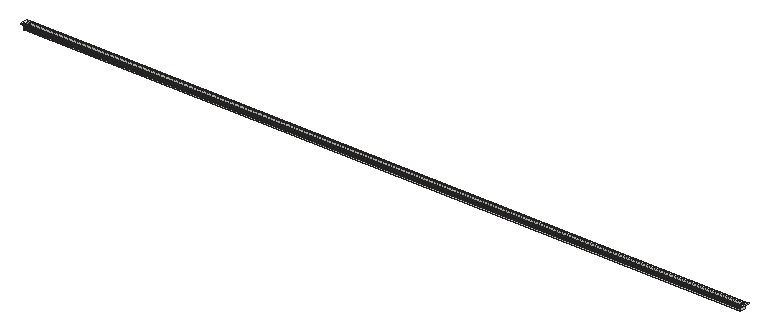
Revit family "SN1008 updated", category Lighting Fixtures, host Face, Revit 2020
Family settings
  Host = Face
  Round Connector Dimension = Use Diameter
  Part Type = Normal
  Cut with Voids When Loaded = No
  Light Source = No
  Shared = Yes
  Room Calculation Point = No
Parameters (values of type "84 lm per FT 1.00 W per FT - DFN1")
  Wattage Comments = "1.0W/FT"
  Warranty URL = "https://bllighting.com/terms-and-conditions/"
  W1 = 0.5000"
  W = 0.3100"
  Voltage = 24 V
  Version = "2020-v2.9"  # constant formula
  URL = "https://bllighting.com/"
  Support Phone = ""
  Support Email = ""
  Rdwn [instance] = rounddown(L1 / Increment)  # 24
  Profile Material = Alumnium Base Track
  Product Page URL = "https://bllighting.com/products/profile/sn1008"
  Product Name = Model  # "DFN1"
  Product Documentation Link = "https://bllighting.com/wp-content/uploads/SN1008-Specification.pdf"
  Power Source Type = "Driver"  # constant formula
  Power Factor = 1
  Phase = 1
  Operating Temperature = "Consult Manufacturer Website for more Information"  # constant formula
  Number of Poles = if(and(or(Voltage = 120 V, Voltage = 277 V), Phase = 1), 1, if(and(or(Voltage = 208 V, Voltage = 240 V), Phase = 1), 2, if(and(or(Voltage = 208 V, Voltage = 240 V), Phase = 3), 3, if(and(Voltage > 300 V, Phase = 1), 2, if(and(Voltage > 400 V, Phase = 3), 3, 1)))))  # 1
  Number of LED's = "146 Diodes/FT"
  No Of Source [instance] = rounddown(Actual Light Length / Increment)  # 24
  N2 Watt [instance] = (1.85 W * Actual Light Length) / 12.0000"  # 7.28345 W
  N2 Lumens [instance] = 98 lm/W * N2 Watt  # 713.778 lm
  N2 = no
  N1 Watt [instance] = (1 W * Actual Light Length) / 12.0000"  # 3.937 W
  N1 Lumens [instance] = 91 lm/W * N1 Watt  # 358.267 lm
  N1 = no
  Mounting Method = "Surface Mount"  # constant formula
  Model = "DFN1"
  Max Input Current = "4 A"
  Manufacturer Phone Number = "1-604-874-4405"  # constant formula
  Manufacturer Email = "info@bllighting.com"
  Manufacturer Address = "111 - 8838 Heatner St. Vancouver. BC, Canada. V6P 3S8"  # constant formula
  Manufacturer = "BL Lighting"  # constant formula
  Lumen Output = "84 lm/FT"
  Load Classification = Lighting
  Light Length [instance] = 48.0000"
  Lens Material = Polycarbonate Optic
  Lead 2 End Cap [instance] = 1 = 1  # yes
  Lead 1 End Cap [instance] = 1 = 1  # yes
  Lamp Life = "50,000 Hours"
  Lamp = ""
  LED strip = Strip
  LED finish = LED
  LED Tape Page URL = "https://bllighting.com/products/led-tape/dfn1"
  LED Tape Documentation link = "https://bllighting.com/wp-content/uploads/DFN1-Specification.pdf"
  L1 [instance] = if(Light Length < Increment, Increment, Light Length)  # 48.0000"
  Input Voltage = "24VDC"
  Initial Intensity Comments = "Refer LED Strip type for Lumen Value"  # constant formula
  Initial Color Comments = "Perfomance based on 3000K Photometric Web File"
  Increment = 1.9685"
  Housing Protection Rating = "Consult Manufacturer Website for more Information"  # constant formula
  Has Dimming = 1 = 1  # yes
  Has Battery Backup = 0 = 1  # no
  Frequency Comments = ""
  Frequency = 60 Hz
  Environment = "Indoor"  # constant formula
  Description = "Flexible, Linear LED Lighting"  # constant formula
  Default Elevation = 48.0000"
  DFN2 Watt [instance] = (2.4 W * Actual Light Length) / 12.0000"  # 9.4488 W
  DFN2 Lumens [instance] = 84 lm/W * DFN2 Watt  # 793.699 lm
  DFN2 = no
  DFN1 Watt [instance] = (1 W * Actual Light Length) / 12.0000"  # 3.937 W
  DFN1 Lumens [instance] = 84 lm/W * DFN1 Watt  # 330.708 lm
  DFN1 = yes
  Current Amps = 50 A
  Copyright = "©BL INNOVATIVE LIGHTING"  # constant formula
  Color Option Available = "2400K,2700K,3000K,3500K,4000K"
  built-in parameter 1114216 [instance] = 0  # (empty or 0)
  built-in parameter 1140040 [instance] = 1 = 1  # 1
  CCT = "2400K,2700K,3000K,3500K,4000K"
  Apparent Load = 96 VA
  Actual No Of Source [instance] = if(No Of Source < 2, 2, No Of Source)  # 24
  Actual Light Length [instance] = Rdwn * Increment  # 47.2440"
Reference planes (in)
  plane 1 "Center (Front/Back)": y = 0
  plane 2: z = 0
  plane 3 "Center (Left/Right)": x = 0
  plane 4: x = 47.244
  plane 5: x = 1.9685
  plane 6: x = 23.622
  plane 7: x = 22.6499
  plane 8: x = 24.5941
  plane 9: z = 0.07812
  plane 10: x = 22.122
  plane 11: x = 25.122
  plane 12: z = 0.30393
  plane 13: y = 0.155
  plane 14: y = -0.155
  plane 15: z = -0.35
  plane 16: y = 0.25
  plane 17: y = -0.25
  plane 18: z = -0.31029
  plane 19: x = -0.227
  plane 20: x = 47.47075
Forms (in)
  Sweep 1, solid, material "Alumnium Base Track" <- "Profile Material"
    path origin (0, -18.34313, 0.32874) x (1, 0, 0) y (0, 1, 0)
      loop
        line (0, 18.35094) -> (47.244, 18.35094)
    profile origin (23.622, 0.00781, 0.32874) x (0, 1, 0) y (0, 0, 1)
      loop
        line (0.24219, -0.32874) -> (0.12818, -0.32874) -> (0.12818, -0.35963) -> (0.09664, -0.35963) -> (0.09664, -0.63739) -> (-0.01384, -0.63739) -> (-0.11227, -0.63739) -> (-0.11227, -0.35963) -> (-0.14381, -0.35963) -> (-0.14381, -0.32874) -> (-0.25781, -0.32874) -> (-0.25781, -0.35963) -> (-0.16281, -0.35963) -> (-0.16281, -0.4056) -> (-0.1382, -0.42483) -> (-0.16281, -0.44407) -> (-0.1382, -0.4633) -> (-0.16281, -0.48253) -> (-0.1382, -0.50176) -> (-0.16281, -0.52099) -> (-0.1382, -0.54022) -> (-0.16281, -0.55945) -> (-0.1382, -0.57868) -> (-0.16281, -0.59791) -> (-0.16281, -0.67874) -> (-0.0129, -0.67874) -> (0.14719, -0.67874) -> (0.14719, -0.59791) -> (0.12257, -0.57868) -> (0.14719, -0.55945) -> (0.12257, -0.54022) -> (0.14719, -0.52099) -> (0.12257, -0.50176) -> (0.14719, -0.48253) -> (0.12257, -0.4633) -> (0.14719, -0.44407) -> (0.12257, -0.42483) -> (0.14719, -0.4056) -> (0.14719, -0.35963) -> (0.24219, -0.35963) -> (0.24219, -0.32874)
  Sweep 2, solid, material "Polycarbonate Optic" <- "Lens Material"
    path origin (0, -18.35094, 0.72776) x (1, 0, 0) y (0, 1, 0)
      loop
        line (0, 18.35094) -> (47.244, 18.35094)
    profile origin (23.622, 0, 0.72776) x (0, 1, 0) y (0, 0, 1)
      loop
        line (0.13464, -0.72776) -> (-0.13464, -0.72776) -> (-0.13464, -0.76184) -> (-0.10036, -0.76184) -> (-0.10036, -0.8249)
        arc (-0.10036, -0.8249) -> (-0.11742, -0.84527) -> (-0.09103, -0.84834) r 0.01509
        line (-0.09103, -0.84834) -> (-0.07205, -0.80392) -> (-0.07205, -0.75338) -> (-0.01799, -0.75338) -> (0.07205, -0.75338) -> (0.07205, -0.80392) -> (0.09103, -0.84834)
        arc (0.09103, -0.84834) -> (0.11742, -0.84527) -> (0.10036, -0.8249) r 0.01509
        line (0.10036, -0.8249) -> (0.10036, -0.76184) -> (0.13464, -0.76184) -> (0.13464, -0.72776)
  Extrusion 3, void
    sketch origin (0, 0, 0) x (1, 0, 0) y (0, 1, 0)
      loop
        line (-0.227, 0.25) -> (-0.227, -0.25) -> (47.47075, -0.25) -> (47.47075, 0.25) -> (-0.227, 0.25)
    from -0.35 to 0.01895
Dimensions and locks (in)
  "Actual Light Length": plane 3 "Center (Left/Right)" to plane 4
  "Increment": plane 3 "Center (Left/Right)" to plane 5
  equal spacing: plane 3 "Center (Left/Right)", plane 6, plane 4
  equal spacing: plane 7, plane 6, plane 8
  locked: plane 9 to plane 2 at 0.07812
  locked: plane 10 to plane 6 at 1.5
  locked: plane 6 to plane 11 at 1.5
  equal spacing: plane 13, plane 1 "Center (Front/Back)", plane 14
  "W": plane 13 to plane 14
  locked: level to plane 15 at 0.35
  Sweep 1 sketch curve to Sweep 1 sketch curve = 0.5000"
  equal spacing: plane 16, plane 1 "Center (Front/Back)", plane 17
  "W1": plane 16 to plane 17
  locked: Sweep 1 sketch curve to Sweep 1 sketch curve at 0.04135
  locked: host face to Sweep 1 sketch curve at 0.03089
  locked: Sweep 1 sketch curve to Sweep 1 sketch curve at 0.05054  (x2)
  locked: plane 2 to Sweep 1 at 0.03089
  locked: plane 2 to Sweep 2 sketch curve at 0.02562
  Sweep 2 sketch curve to Sweep 2 sketch curve = 0.02562"
  locked: Sweep 2 sketch curve to Sweep 2 sketch curve at 0.02831
  locked: plane 18 to plane 15 at 0.03971
  locked: plane 4 to plane 20 at 0.22675
  locked: plane 19 to plane 3 "Center (Left/Right)" at 0.227
  aligned and locked: host face to plane 2
  aligned and locked: host face to level
  aligned and locked: plane 3 "Center (Left/Right)" to Sweep 1 sketch curve
  aligned and locked: plane 4 to Sweep 1 sketch curve
  aligned and locked: plane 4 to Sweep 2 sketch curve
  aligned and locked: plane 3 "Center (Left/Right)" to Sweep 2 sketch curve
  aligned and locked: plane 3 "Center (Left/Right)" to nested 1
  aligned and locked: plane 16 to Sweep 1 sketch curve
  aligned and locked: Sweep 1 sketch curve to plane 17
  aligned and locked: plane 2 to Sweep 1 sketch curve
  aligned and locked: Sweep 1 sketch curve to plane 2
  aligned and locked: Sweep 1 sketch curve to plane 13
  aligned and locked: Sweep 1 sketch curve to plane 14
  aligned and locked: plane 15 to Sweep 1 sketch curve
  aligned and locked: Sweep 1 sketch curve to plane 15
  aligned and locked: nested 1 to plane 15
  aligned and locked: plane 4 to nested 2
  aligned and locked: plane 15 to nested 2
  aligned and locked: nested 3 to plane 1 "Center (Front/Back)"
  aligned and locked: nested 3 to plane 18
  aligned and locked: plane 3 "Center (Left/Right)" to nested 4
  aligned and locked: nested 4 to plane 1 "Center (Front/Back)"
  aligned and locked: nested 4 to plane 18
  aligned and locked: plane 3 "Center (Left/Right)" to nested 5
  aligned and locked: nested 5 to plane 1 "Center (Front/Back)"
  aligned and locked: plane 3 "Center (Left/Right)" to nested 6
  aligned and locked: nested 6 to plane 1 "Center (Front/Back)"
  aligned and locked: Extrusion 3 sketch curve to plane 16
  aligned and locked: Extrusion 3 sketch curve to plane 19
  aligned and locked: plane 17 to Extrusion 3 sketch curve
  aligned and locked: Extrusion 3 sketch curve to plane 20
  aligned and locked: Extrusion 3 to plane 15
  aligned and locked: nested 5 to plane 18
  aligned and locked: nested 6 to plane 18
  aligned and locked: nested 3 to plane 3 "Center (Left/Right)"
  aligned and locked: plane 1 "Center (Front/Back)" to nested 7
  aligned and locked: plane 1 "Center (Front/Back)" to nested 8
  aligned and locked: plane 1 "Center (Front/Back)" to nested 9
  aligned and locked: plane 1 "Center (Front/Back)" to nested 10
Automatic sketch dimensions
  host sketch curve to host sketch curve = 138.68247"
  host sketch curve to host sketch curve = 96.0000"
  Sweep 1 sketch curve to plane 1 "Center (Front/Back)" = 0.00781"
  plane 1 "Center (Front/Back)" to Sweep 2 sketch curve = 0.0000"
  Sweep 1 sketch curve to Sweep 1 sketch curve = 0.0000"  (x9)
  Sweep 1 sketch curve to Sweep 1 sketch curve = 0.01901"
  Sweep 1 sketch curve to Sweep 1 sketch curve = 0.02461"  (x10)
  profile plane to Sweep 1 sketch curve = 0.01384"
  profile plane to Sweep 1 sketch curve = 0.0129"
  Sweep 1 sketch curve to Sweep 1 sketch curve = 0.02593"  (x2)
  Sweep 1 sketch curve to Sweep 1 sketch curve = 0.03154"
  Sweep 1 sketch curve to Sweep 1 sketch curve = 0.03948"  (x2)
  Sweep 1 sketch curve to Sweep 1 sketch curve = 0.01923"  (x20)
  Sweep 1 sketch curve to Sweep 1 sketch curve = 0.04597"
  Sweep 1 sketch curve to Sweep 1 sketch curve = 0.03089"
  profile plane to Sweep 2 sketch curve = 0.13464"
  Sweep 2 sketch curve to Sweep 2 sketch curve = 0.03124"
  Sweep 2 sketch curve to Sweep 2 sketch curve = 0.00303"
  Sweep 2 sketch curve to Sweep 2 sketch curve = 0.01236"  (x2)
  profile plane to Sweep 2 sketch curve = 0.01799"
  Sweep 2 sketch curve to profile plane = 0.07205"
  Sweep 2 sketch curve to Sweep 2 sketch curve = 0.01898"
  Sweep 2 sketch curve to Sweep 2 sketch curve = 0.00933"
  Sweep 2 sketch curve to Sweep 2 sketch curve = 0.03428"
  Sweep 2 sketch curve to Sweep 2 sketch curve = 0.00846"  (x2)
  Sweep 2 sketch curve to Sweep 2 sketch curve = 0.05055"  (x2)
  Sweep 2 sketch curve to Sweep 2 sketch curve = 0.02098"  (x2)
  Sweep 2 sketch curve to Sweep 2 sketch curve = 0.01479"  (x2)
Nested families (in)
  nested 1: "LEFT END CAP" at (-0.06299, 0, -0.35), Profile Material <- "Profile Material", visible <- "Lead 1 End Cap", type "LEFT END CAP"
    with Profile Material Alumnium Base Track
  nested 2: "LEFT END CAP" at (47.30699, 0, -0.35) x (-1, 0, 0) z (0, 0, 1), Profile Material <- "Profile Material", visible <- "Lead 2 End Cap", type "LEFT END CAP"
    with Profile Material Alumnium Base Track
  nested 3: "N2_3000K" at (0, -18.35094, -0.26029), visible <- "N2", Light Length <- "Light Length", type "N2_3000K"
    with Watt 7.28345 W, Rdwn 24, No of Source 24, N2_1 no, N2 yes, Lumens 713.778 lm, Light source Placement 23.6220", Light Length 48.0000", L1 48.0000", Cutting Increment 1.9685", Actual No Of Source 24, Actual Light Length 47.2440"
  nested 4: "N1_2700K" at (0, -18.35094, -0.2591), visible <- "N1", Light Length <- "Light Length", type "N1_2700K"
    with Watt 3.937 W, Rdwn 24, No of Source 24, N1_1 no, N1 yes, Lumens 358.267 lm, Light source Placement 23.6220", Light Length 48.0000", L1 48.0000", Cutting Increment 1.9685", Actual No of Source 24, Actual Light Length 47.2440"
  nested 5: "DFN2_3000K" at (0, -18.35094, -0.31029), visible <- "DFN2", Light Length <- "Light Length", type "DFN2_3000K"
    with Watt 9.4488 W, Rdwn 24, No of Source 24, Lumens 793.699 lm, Light source Placement 23.6220", Light Length 48.0000", L1 48.0000", DFN2_1 no, DFN2 yes, Cutting Increment 1.9685", Actual No Of Source 24, Actual Light Length 47.2440"
  nested 6: "DFN1_3000K" at (0, -18.35094, -0.31029), visible <- "DFN1", Light Length <- "Light Length", type "DFN1_3000K"
    with Watt 3.937 W, Rdwn 24, No of Source 24, Lumens 330.708 lm, Light source Placement 23.6220", Light Length 48.0000", L1 48.0000", DFN1_1 no, DFN1 yes, Cutting Increment 1.9685", Actual No Of Source 24, Actual Light Length 47.2440"
  nested 7: "N1 2700K LED Tape" at (2.52316, 0, -54.00977), visible <- "N1", Length <- "Actual Light Length", No of Source <- "No Of Source", Source Size <- "Increment", type "N1 2700K LED Tape"
    with Source Size 1.9685", No of Source 24, N1 2700k_1 no, N1 2700K yes, Length 47.2440", Actual No Of Source 24
  nested 8: "N2 3000K LED Tape" at (1.47422, 0, -54.00977), visible <- "N2", Length <- "Actual Light Length", No of Source <- "No Of Source", Source Size <- "Increment", type "N2 3000K LED Tape"
    with Source Size 1.9685", No of Source 24, N2 3000k_1 no, N2 3000K yes, Length 47.2440", Actual No Of Source 24
  nested 9: "DFN1 3000K LED Tape" at (0.93643, 0, -53.98438), visible <- "DFN1", Length <- "Actual Light Length", No of Source <- "No Of Source", Source Size <- "Increment", type "DFN1 3000K LED Tape"
    with Source Size 1.9685", No of Source 24, Length 47.2440", DFN1 3000k_1 no, DFN1 3000K yes, Actual No Of Source 24
  nested 10: "DFN2 3000K LED Tape" at (0.98357, 0, -53.98437), visible <- "DFN2", Length <- "Actual Light Length", No of Source <- "No Of Source", Source Size <- "Increment", type "DFN2 3000K LED Tape"
    with Source Size 1.9685", No of Source 24, Length 47.2440", DFN2 3000k_1 no, DFN2 3000K yes, Actual No Of Source 24
Connectors (in)
  electrical at (0, -0.00509, -0.35), driven by "Number of Poles", driven by "Load Classification", driven by "Voltage", driven by "Apparent Load", driven by "Power Factor"
    settings: on Sweep 1, index 1, voltage 24 V, apparent load 96 VA, apparent load phase1 0 VA, apparent load phase2 0 VA, apparent load phase3 0 VA, power factor 1, load classification "Lighting", number of poles 1, system type 30, power factor state 1, is connector primary yes, connector utility no, sub classification motor no, connector description ""
Definition of nested family "LEFT END CAP"
  Parameters (values of type "LEFT END CAP")
    W = 0.3100"
    Profile Material [instance] = none
    Default Elevation = 0.0000"
  Reference planes (in)
    plane 1 "Center (Front/Back)": y = 0
    plane 2: z = 0
    plane 3 "Center (Left/Right)": x = 0
    plane 4: z = 0.35
    plane 5: y = 0.155
    plane 6: y = -0.155
    plane 7: x = 0.06299
    plane 8: x = 0.23622
    plane 9: y = 0.25
  Forms (in)
    Extrusion 1, solid, material <- "Profile Material"
      sketch origin (0, 0, 0) x (0, 1, 0) y (0, 0, 1)
        loop
          line (0.155, 0.32177) -> (-0.155, 0.32177) -> (-0.155, 0.27649) -> (-0.13107, 0.25711) -> (-0.155, 0.23773) -> (-0.13107, 0.21835) -> (-0.155, 0.19897) -> (-0.13107, 0.17959) -> (-0.155, 0.16021) -> (-0.13107, 0.14083) -> (-0.155, 0.12146) -> (-0.13107, 0.10208) -> (-0.155, 0.0827) -> (-0.155, 0) -> (0.155, 0) -> (0.155, 0.0827) -> (0.13107, 0.10208) -> (0.155, 0.12146) -> (0.13107, 0.14083) -> (0.155, 0.16021) -> (0.13107, 0.17959) -> (0.155, 0.19897) -> (0.13107, 0.21835) -> (0.155, 0.23773) -> (0.13107, 0.25711) -> (0.155, 0.27649) -> (0.155, 0.32177)
      from 0 to 0.06299
    Extrusion 2, solid, material <- "Profile Material"
      sketch origin (0, 0, 0) x (0, 1, 0) y (0, 0, 1)
        loop
          line (0.25, 0.35) -> (-0.04574, 0.35) -> (-0.25, 0.35) -> (-0.25, 0.31591) -> (-0.0198, 0.31591) -> (0.25, 0.31591) -> (0.25, 0.35)
      from -0.16375 to 0.06299
    Extrusion 3, solid, material <- "Profile Material"
      sketch origin (0, 0, 0) x (0, 1, 0) y (0, 0, 1)
        loop
          line (0.06936, 0.30993) -> (-0.00488, 0.30993) -> (-0.06936, 0.30993) -> (-0.06936, 0.26838) -> (-0.0844, 0.21228)
          arc (-0.0844, 0.21228) -> (-0.09089, 0.1966) -> (-0.10656, 0.19011) r 0.02217
          line (-0.10656, 0.19011) -> (-0.10656, 0.03914) -> (0, 0.03914) -> (0.10656, 0.03914) -> (0.10656, 0.19011)
          arc (0.10656, 0.19011) -> (0.09089, 0.1966) -> (0.0844, 0.21228) r 0.02217
          line (0.0844, 0.21228) -> (0.06936, 0.26838) -> (0.06936, 0.30993)
        loop
          line (0.05497, 0.26838) -> (0.05497, 0.29929) -> (-0.05497, 0.29929) -> (-0.05497, 0.26838) -> (-0.07, 0.21228)
          arc (-0.07, 0.21228) -> (-0.07694, 0.19531) -> (-0.09256, 0.18572) r 0.02952
          line (-0.09256, 0.18572) -> (-0.09256, 0.05276) -> (0, 0.05276) -> (0.09256, 0.05276) -> (0.09256, 0.18572)
          arc (0.09256, 0.18572) -> (0.07694, 0.19531) -> (0.07, 0.21228) r 0.02952
          line (0.07, 0.21228) -> (0.05497, 0.26838)
      from 0.06299 to 0.23622
  Dimensions and locks (in)
    equal spacing: plane 5, plane 1 "Center (Front/Back)", plane 6
    "W": plane 5 to plane 6
    plane 4 to plane 2 = 0.3500"
    plane 7 to plane 3 "Center (Left/Right)" = 0.06299"
    plane 8 to plane 7 = 0.17323"
    locked: Extrusion 2 sketch curve to Extrusion 2 sketch curve at 0.03409
    locked: plane 9 to plane 1 "Center (Front/Back)" at 0.25
    locked: plane 7 to Extrusion 2 at 0.22675
    aligned and locked: plane 2 to level
    aligned and locked: Extrusion 1 sketch curve to level
    aligned and locked: Extrusion 1 sketch curve to plane 6
    aligned and locked: Extrusion 1 to plane 3 "Center (Left/Right)"
    aligned and locked: plane 7 to Extrusion 1
    aligned and locked: Extrusion 2 sketch curve to plane 4
    aligned and locked: Extrusion 2 sketch curve to plane 9
    aligned and locked: Extrusion 1 to Extrusion 2
    aligned and locked: Extrusion 3 to Extrusion 1
  Automatic sketch dimensions
    plane 1 "Center (Front/Back)" to Extrusion 2 sketch curve = 0.0198"
    Extrusion 2 sketch curve to Extrusion 2 sketch curve = 0.02594"
    Extrusion 2 sketch curve to plane 6 = 0.0950"
    Extrusion 3 sketch curve to plane 1 "Center (Front/Back)" = 0.0000"  (x2)
    plane 1 "Center (Front/Back)" to Extrusion 3 sketch curve = 0.00488"
    plane 1 "Center (Front/Back)" to Extrusion 3 sketch curve = 0.05497"
    Extrusion 3 sketch curve to Extrusion 3 sketch curve = 0.0144"  (x4)
    Extrusion 3 sketch curve to Extrusion 3 sketch curve = 0.00064"  (x2)
    plane 6 to Extrusion 3 sketch curve = 0.06244"
    Extrusion 3 sketch curve to Extrusion 3 sketch curve = 0.01505"  (x2)
    Extrusion 3 sketch curve to Extrusion 3 sketch curve = 0.01401"  (x2)
    Extrusion 3 sketch curve to plane 1 "Center (Front/Back)" = 0.05497"
    plane 5 to Extrusion 3 sketch curve = 0.06244"
    level to Extrusion 3 sketch curve = 0.03914"
    Extrusion 3 sketch curve to Extrusion 3 sketch curve = 0.01362"
    Extrusion 3 sketch curve to Extrusion 3 sketch curve = 0.13296"  (x2)
    Extrusion 3 sketch curve to Extrusion 3 sketch curve = 0.00439"  (x2)
    Extrusion 3 sketch curve to Extrusion 3 sketch curve = 0.0000"  (x4)
    Extrusion 3 sketch curve to Extrusion 3 sketch curve = 0.0561"  (x2)
    Extrusion 3 sketch curve to Extrusion 3 sketch curve = 0.03091"
    Extrusion 3 sketch curve to Extrusion 3 sketch curve = 0.01065"
    Extrusion 1 sketch curve to plane 6 = 0.0000"  (x5)
    Extrusion 1 sketch curve to plane 5 = 0.0000"  (x6)
    plane 6 to Extrusion 1 sketch curve = 0.02393"  (x5)
    plane 5 to Extrusion 1 sketch curve = 0.02393"  (x5)
    level to Extrusion 1 sketch curve = 0.0827"
    Extrusion 1 sketch curve to Extrusion 1 sketch curve = 0.0827"
    Extrusion 1 sketch curve to Extrusion 1 sketch curve = 0.01938"  (x20)
    Extrusion 1 sketch curve to plane 4 = 0.02823"
Definition of nested family "N2_3000K"
  Parameters (values of type "N2_3000K")
    Wattage Comments = "1.85 W/FT"
    Watt [instance] = (1.85 W * Actual Light Length) / 12.0000"  # 3.64173 W
    Warranty URL = ""
    Voltage Comments = ""
    Version = "2020-v2.9"  # constant formula
    URL = ""
    Strip = none
    Rdwn [instance] = rounddown(L1 / Cutting Increment)  # 12
    Product Page URL = ""
    Product Name = "BL flexFORM N2"  # constant formula
    Product Documentation Link = ""
    No of Source [instance] = rounddown(Actual Light Length / Cutting Increment)  # 12
    N2_1 [instance] = not(N2)  # no
    N2 [instance] = if(No of Source < 2, 1 = 0, 1 = 1)  # yes
    Model = ""
    Manufacturer Phone Number = "1-604-874-4405"  # constant formula
    Manufacturer Email = ""
    Manufacturer Address = "111 - 8838 Heatner St. Vancouver. BC, Canada. V6P 3S8"  # constant formula
    Manufacturer = "BL Lighting"  # constant formula
    Lumens [instance] = 98 lm/W * Watt  # 356.889 lm
    Lumen Output = "180 lm/FT"
    Light source Placement [instance] = Actual Light Length / 2  # 11.8110"
    Light Length [instance] = 24.0000"
    Lens Material = none
    Lamp Life = "50,000 Hours"
    Lamp = "SMD 2216"
    LED = none
    L1 [instance] = if(Light Length < Cutting Increment, Cutting Increment, Light Length)  # 24.0000"
    Instruction Sheet Link = ""
    Initial Color Option Available = ""
    Finish = none
    Description = "Flexible,Linear LED Strip Lighting"  # constant formula
    Default Elevation = 0.0000"
    D = 0.0500"
    Cutting Increment [instance] = 1.9685"  # constant formula
    Copyright = "©BL INNOVATIVE LIGHTING"  # constant formula
    Actual No Of Source [instance] = if(No of Source < 2, 2, No of Source)  # 12
    Actual Light Length [instance] = Rdwn * Cutting Increment  # 23.6220"
    A = 0.17969"
  Reference planes (in)
    plane 1 "Center (Front/Back)": y = 0
    plane 2: z = 0
    plane 3 "Center (Left/Right)": x = 0
    plane 4: x = 23.622
    plane 5: y = 18.35094
    plane 6: x = 11.811
    plane 7: z = -0.33465
    plane 8: y = 18.44079
    plane 9: y = 18.2611
    plane 10: x = 1.9685
    plane 11: z = -0.05
  Dimensions and locks (in)
    "Actual Light Length": plane 4 to plane 3 "Center (Left/Right)"
    "Actual Light Length": plane 3 "Center (Left/Right)" to plane 4
    plane 6 to plane 4 = 11.8110"
    "Light source Placement": plane 6 to plane 4
    locked: plane 1 "Center (Front/Back)" to plane 5 at 18.35094
    locked: level to plane 7 at 0.33465
    "A": plane 8 to plane 9
    equal spacing: plane 8, plane 5, plane 9
    "Cutting Increment": plane 3 "Center (Left/Right)" to plane 10
    "D": level to plane 11
    equal spacing: group 1, group 2, group 3, group 4, group 5, group 6, group 7, group 8, group 9, group 10, group 11, group 12  (x3)
    aligned and locked: level to plane 2
    aligned and locked: plane 3 "Center (Left/Right)" to nested 1
    aligned and locked: nested 1 to plane 5
    aligned and locked: nested 1 to plane 11
    aligned and locked: plane 10 to nested 2
    aligned and locked: nested 3 to plane 3 "Center (Left/Right)"
    aligned and locked: nested 3 to plane 11
    aligned and locked: nested 3 to plane 5
  Nested families (in)
    nested 1: "Increment strip 4" at (0, 18.35094, 0), LED <- "LED", Strip <- "Strip", Height <- "D", Increment <- "Cutting Increment", Width <- "A", visible <- "N2", N2 <- "N2", type "Increment strip 4"
      with Width 0.17969", Strip none, N2 yes, LED none, Increment 1.9685", Height 0.0500"
    nested 2: "Increment strip 4" at (1.9685, 18.35094, 0), LED <- "LED", Strip <- "Strip", Height <- "D", Increment <- "Cutting Increment", Width <- "A", visible <- "N2", N2 <- "N2", type "Increment strip 4"
      with Width 0.17969", Strip none, N2 yes, LED none, Increment 1.9685", Height 0.0500"
    nested 3: "Increment strip 4" at (0, 18.35094, 0), LED <- "LED", Strip <- "Strip", Height <- "D", Increment <- "Cutting Increment", Width <- "A", visible <- "N2_1", N2 <- "N2_1", type "Increment strip 4"
      with Width 0.17969", Strip none, N2 no, LED none, Increment 1.9685", Height 0.0500"
    nested 4: "Increment strip 4" at (3.937, 18.35094, 0), LED <- "LED", Strip <- "Strip", Height <- "D", Increment <- "Cutting Increment", Width <- "A", visible <- "N2", N2 <- "N2", type "Increment strip 4"
      with Width 0.17969", Strip none, N2 yes, LED none, Increment 1.9685", Height 0.0500"
    nested 5: "Increment strip 4" at (5.9055, 18.35094, 0), LED <- "LED", Strip <- "Strip", Height <- "D", Increment <- "Cutting Increment", Width <- "A", visible <- "N2", N2 <- "N2", type "Increment strip 4"
      with Width 0.17969", Strip none, N2 yes, LED none, Increment 1.9685", Height 0.0500"
    nested 6: "Increment strip 4" at (7.874, 18.35094, 0), LED <- "LED", Strip <- "Strip", Height <- "D", Increment <- "Cutting Increment", Width <- "A", visible <- "N2", N2 <- "N2", type "Increment strip 4"
      with Width 0.17969", Strip none, N2 yes, LED none, Increment 1.9685", Height 0.0500"
    nested 7: "Increment strip 4" at (9.8425, 18.35094, 0), LED <- "LED", Strip <- "Strip", Height <- "D", Increment <- "Cutting Increment", Width <- "A", visible <- "N2", N2 <- "N2", type "Increment strip 4"
      with Width 0.17969", Strip none, N2 yes, LED none, Increment 1.9685", Height 0.0500"
    nested 8: "Increment strip 4" at (11.811, 18.35094, 0), LED <- "LED", Strip <- "Strip", Height <- "D", Increment <- "Cutting Increment", Width <- "A", visible <- "N2", N2 <- "N2", type "Increment strip 4"
      with Width 0.17969", Strip none, N2 yes, LED none, Increment 1.9685", Height 0.0500"
    nested 9: "Increment strip 4" at (13.7795, 18.35094, 0), LED <- "LED", Strip <- "Strip", Height <- "D", Increment <- "Cutting Increment", Width <- "A", visible <- "N2", N2 <- "N2", type "Increment strip 4"
      with Width 0.17969", Strip none, N2 yes, LED none, Increment 1.9685", Height 0.0500"
    nested 10: "Increment strip 4" at (15.748, 18.35094, 0), LED <- "LED", Strip <- "Strip", Height <- "D", Increment <- "Cutting Increment", Width <- "A", visible <- "N2", N2 <- "N2", type "Increment strip 4"
      with Width 0.17969", Strip none, N2 yes, LED none, Increment 1.9685", Height 0.0500"
    nested 11: "Increment strip 4" at (17.7165, 18.35094, 0), LED <- "LED", Strip <- "Strip", Height <- "D", Increment <- "Cutting Increment", Width <- "A", visible <- "N2", N2 <- "N2", type "Increment strip 4"
      with Width 0.17969", Strip none, N2 yes, LED none, Increment 1.9685", Height 0.0500"
    nested 12: "Increment strip 4" at (19.685, 18.35094, 0), LED <- "LED", Strip <- "Strip", Height <- "D", Increment <- "Cutting Increment", Width <- "A", visible <- "N2", N2 <- "N2", type "Increment strip 4"
      with Width 0.17969", Strip none, N2 yes, LED none, Increment 1.9685", Height 0.0500"
    nested 13: "Increment strip 4" at (21.6535, 18.35094, 0), LED <- "LED", Strip <- "Strip", Height <- "D", Increment <- "Cutting Increment", Width <- "A", visible <- "N2", N2 <- "N2", type "Increment strip 4"
      with Width 0.17969", Strip none, N2 yes, LED none, Increment 1.9685", Height 0.0500"
  Definition of nested family "Increment strip 4"
    Parameters (values of type "Increment strip 4")
      Width [instance] = 0.17969"
      Strip [instance] = none
      N2 [instance] = yes
      LED [instance] = none
      Increment [instance] = 1.9600"
      Height [instance] = 0.0500"
      Default Elevation = 0.0000"
    Reference planes (in)
      plane 1 "Center (Front/Back)": y = 0
      plane 2: z = 0
      plane 3 "Center (Left/Right)": x = 0
      plane 4: x = 1.96
      plane 5: y = -0.08984
      plane 6: y = 0.08984
      plane 7: z = -0.05
      plane 8: x = 0.15625
      plane 9: x = 1.78125
      plane 10: y = 0.29944
    Forms (in)
      Sweep 1, solid, material <- "Strip", visible <- "N2"
        path origin (0, 0, 0) x (1, 0, 0) y (0, 1, 0)
          loop
            line (1.96, 0) -> (0, 0)
        profile origin (0.98, 0, 0) x (0, -1, 0) y (0, 0, 1)
          loop
            line (-0.08984, -0.01867) -> (-0.08984, -0.05) -> (0.08984, -0.05) -> (0.08984, -0.01867) -> (-0.08984, -0.01867)
      Extrusion 2, solid, material <- "LED", visible <- "N2"
        sketch origin (0.33071, 0, 0.03211) x (1, 0, 0) y (0, 1, 0)
          loop
            line (0.11688, 0.03937) -> (0.11688, -0.03937) -> (0.19562, -0.03937) -> (0.19562, 0.03937) -> (0.11688, 0.03937)
        from -0.05078 to -0.03211
      Extrusion 3, solid, material <- "LED", visible <- "N2"
        sketch origin (0, 0, 0.03211) x (1, 0, 0) y (0, 1, 0)
          loop
            line (0.11688, 0.03937) -> (0.11688, -0.03937) -> (0.19562, -0.03937) -> (0.19562, 0.03937) -> (0.11688, 0.03937)
        from -0.05078 to -0.03211
      Extrusion 4, solid, material <- "LED", visible <- "N2"
        sketch origin (0.66142, 0, 0.03211) x (1, 0, 0) y (0, 1, 0)
          loop
            line (0.11688, 0.03937) -> (0.11688, -0.03937) -> (0.19562, -0.03937) -> (0.19562, 0.03937) -> (0.11688, 0.03937)
        from -0.05078 to -0.03211
      Extrusion 5, solid, material <- "LED", visible <- "N2"
        sketch origin (0.96358, 0, 0.03211) x (1, 0, 0) y (0, 1, 0)
          loop
            line (0.11688, 0.03937) -> (0.11688, -0.03937) -> (0.19562, -0.03937) -> (0.19562, 0.03937) -> (0.11688, 0.03937)
        from -0.05078 to -0.03211
      Extrusion 6, solid, material <- "LED", visible <- "N2"
        sketch origin (1.29429, 0, 0.03211) x (1, 0, 0) y (0, 1, 0)
          loop
            line (0.11688, 0.03937) -> (0.11688, -0.03937) -> (0.19562, -0.03937) -> (0.19562, 0.03937) -> (0.11688, 0.03937)
        from -0.05078 to -0.03211
      Extrusion 7, solid, material <- "LED", visible <- "N2"
        sketch origin (1.625, 0, 0.03211) x (1, 0, 0) y (0, 1, 0)
          loop
            line (0.11688, 0.03937) -> (0.11688, -0.03937) -> (0.19562, -0.03937) -> (0.19562, 0.03937) -> (0.11688, 0.03937)
        from -0.05078 to -0.03211
    Dimensions and locks (in)
      "Increment": plane 3 "Center (Left/Right)" to plane 4
      equal spacing: plane 5, plane 1 "Center (Front/Back)", plane 6
      "Width": plane 5 to plane 6
      "Height": level to plane 7
      locked: Extrusion 2 sketch curve to Extrusion 2 sketch curve at 0.07874  (x2)
      locked: Extrusion 3 sketch curve to Extrusion 3 sketch curve at 0.07874  (x2)
      locked: Extrusion 4 sketch curve to Extrusion 4 sketch curve at 0.07874  (x2)
      locked: Extrusion 5 sketch curve to Extrusion 5 sketch curve at 0.07874  (x2)
      locked: Extrusion 6 sketch curve to Extrusion 6 sketch curve at 0.07874  (x2)
      locked: Extrusion 7 sketch curve to Extrusion 7 sketch curve at 0.07874  (x2)
      aligned and locked: plane 2 to level
      aligned and locked: Sweep 1 sketch curve to plane 1 "Center (Front/Back)"
      aligned and locked: plane 3 "Center (Left/Right)" to Sweep 1 sketch curve
      aligned and locked: plane 4 to Sweep 1 sketch curve
      aligned and locked: Sweep 1 to plane 7
      aligned and locked: plane 2 to Extrusion 2
      aligned and locked: Extrusion 2 to Sweep 1
    Automatic sketch dimensions
      profile plane to Sweep 1 sketch curve = 0.08984"
      Sweep 1 sketch curve to profile plane = 0.08984"
      Sweep 1 sketch curve to level = 0.0500"
      Sweep 1 sketch curve to level = 0.01867"
      Extrusion 2 sketch curve to plane 1 "Center (Front/Back)" = 0.03937"
      plane 8 to Extrusion 2 sketch curve = 0.29134"
      Extrusion 3 sketch curve to plane 8 = 0.03937"
      plane 1 "Center (Front/Back)" to Extrusion 3 sketch curve = 0.03937"
      Extrusion 4 sketch curve to plane 1 "Center (Front/Back)" = 0.03937"
      plane 8 to Extrusion 4 sketch curve = 0.62205"
      Extrusion 5 sketch curve to plane 1 "Center (Front/Back)" = 0.03937"
      Extrusion 5 sketch curve to plane 9 = 0.70079"
      Extrusion 6 sketch curve to plane 1 "Center (Front/Back)" = 0.03937"
      Extrusion 6 sketch curve to plane 9 = 0.37008"
      Extrusion 7 sketch curve to plane 9 = 0.03937"
      plane 1 "Center (Front/Back)" to Extrusion 7 sketch curve = 0.03937"
Definition of nested family "N1_2700K"
  Parameters (values of type "N1_2700K")
    Wattage Comments = "1.0 W/FT"
    Watt [instance] = (1 W * Actual Light Length) / 12.0000"  # 1.9685 W
    Warranty URL = ""
    Voltage Comments = ""
    Version = "2020-v2.9"  # constant formula
    URL = ""
    Strip = none
    Rdwn [instance] = rounddown(L1 / Cutting Increment)  # 12
    Product Page URL = ""
    Product Name = "N1"  # constant formula
    Product Documentation Link = ""
    No of Source [instance] = rounddown(Actual Light Length / Cutting Increment)  # 12
    N1_1 [instance] = not(N1)  # no
    N1 [instance] = if(No of Source < 2, 1 = 0, 1 = 1)  # yes
    Model = ""
    Manufacturer Phone Number = "1-604-874-4405"  # constant formula
    Manufacturer Email = ""
    Manufacturer Address = "111 - 8838 Heatner St. Vancouver. BC, Canada. V6P 3S8"  # constant formula
    Manufacturer = "BL Lighting"  # constant formula
    Lumens [instance] = 91 lm/W * Watt  # 179.133 lm
    Lumen Output = "91 lm/FT"
    Light source Placement [instance] = Actual Light Length / 2  # 11.8110"
    Light Length [instance] = 24.0000"
    Lens Material = none
    Lamp Life = "50,000 Hours"
    Lamp = "SMD 2216"
    LED = none
    L1 [instance] = if(Light Length < Cutting Increment, Cutting Increment, Light Length)  # 24.0000"
    Instruction Sheet Link = ""
    Finish = none
    Description = "Flexible,Linear LED Strip Lighting"  # constant formula
    Default Elevation = 0.0000"
    D = 0.05118"
    Cutting Increment [instance] = 1.9685"  # constant formula
    Copyright = "©BL INNOVATIVE LIGHTING"  # constant formula
    Actual No of Source [instance] = if(No of Source < 2, 2, No of Source)  # 12
    Actual Light Length [instance] = Rdwn * Cutting Increment  # 23.6220"
    A = 0.17969"
  Reference planes (in)
    plane 1 "Center (Front/Back)": y = 0
    plane 2: z = 0
    plane 3 "Center (Left/Right)": x = 0
    plane 4: x = 23.622
    plane 5: y = 18.35094
    plane 6: x = 11.811
    plane 7: z = -0.33465
    plane 8: y = 18.44079
    plane 9: y = 18.2611
    plane 10: x = 1.9685
    plane 11: z = -0.05118
  Dimensions and locks (in)
    "Actual Light Length": plane 4 to plane 3 "Center (Left/Right)"
    "Actual Light Length": plane 3 "Center (Left/Right)" to plane 4
    plane 6 to plane 4 = 11.8110"
    "Light source Placement": plane 6 to plane 4
    locked: plane 1 "Center (Front/Back)" to plane 5 at 18.35094
    locked: level to plane 7 at 0.33465
    "A": plane 8 to plane 9
    equal spacing: plane 8, plane 5, plane 9
    "Cutting Increment": plane 3 "Center (Left/Right)" to plane 10
    "D": level to plane 11
    equal spacing: group 1, group 2, group 3, group 4, group 5, group 6, group 7, group 8, group 9, group 10, group 11, group 12  (x3)
    aligned and locked: level to plane 2
    aligned and locked: nested 1 to plane 5
    aligned and locked: plane 3 "Center (Left/Right)" to nested 1
    aligned and locked: plane 10 to nested 2
    aligned and locked: nested 2 to plane 11
    aligned and locked: nested 3 to plane 5
    aligned and locked: nested 3 to plane 3 "Center (Left/Right)"
    aligned and locked: nested 3 to plane 11
  Nested families (in)
    nested 1: "Increment strip" at (0, 18.35094, 0), Increment <- "Cutting Increment", LED <- "LED", Strip <- "Strip", Width <- "A", Height <- "D", visible <- "N1", LED STRIP <- "N1", type "Increment strip"
      with Width 0.17969", Strip none, LED STRIP yes, LED none, Increment 1.9685", Height 0.05118"
    nested 2: "Increment strip" at (1.9685, 18.35094, 0), Increment <- "Cutting Increment", LED <- "LED", Strip <- "Strip", Width <- "A", Height <- "D", visible <- "N1", LED STRIP <- "N1", type "Increment strip"
      with Width 0.17969", Strip none, LED STRIP yes, LED none, Increment 1.9685", Height 0.05118"
    nested 3: "Increment strip" at (0, 18.35094, 0), Height <- "D", Increment <- "Cutting Increment", Width <- "A", LED <- "LED", Strip <- "Strip", visible <- "N1_1", LED STRIP <- "N1_1", type "Increment strip"
      with Width 0.17969", Strip none, LED STRIP no, LED none, Increment 1.9685", Height 0.05118"
    nested 4: "Increment strip" at (3.937, 18.35094, 0), Increment <- "Cutting Increment", LED <- "LED", Strip <- "Strip", Width <- "A", Height <- "D", visible <- "N1", LED STRIP <- "N1", type "Increment strip"
      with Width 0.17969", Strip none, LED STRIP yes, LED none, Increment 1.9685", Height 0.05118"
    nested 5: "Increment strip" at (5.9055, 18.35094, 0), Increment <- "Cutting Increment", LED <- "LED", Strip <- "Strip", Width <- "A", Height <- "D", visible <- "N1", LED STRIP <- "N1", type "Increment strip"
      with Width 0.17969", Strip none, LED STRIP yes, LED none, Increment 1.9685", Height 0.05118"
    nested 6: "Increment strip" at (7.874, 18.35094, 0), Increment <- "Cutting Increment", LED <- "LED", Strip <- "Strip", Width <- "A", Height <- "D", visible <- "N1", LED STRIP <- "N1", type "Increment strip"
      with Width 0.17969", Strip none, LED STRIP yes, LED none, Increment 1.9685", Height 0.05118"
    nested 7: "Increment strip" at (9.8425, 18.35094, 0), Increment <- "Cutting Increment", LED <- "LED", Strip <- "Strip", Width <- "A", Height <- "D", visible <- "N1", LED STRIP <- "N1", type "Increment strip"
      with Width 0.17969", Strip none, LED STRIP yes, LED none, Increment 1.9685", Height 0.05118"
    nested 8: "Increment strip" at (11.811, 18.35094, 0), Increment <- "Cutting Increment", LED <- "LED", Strip <- "Strip", Width <- "A", Height <- "D", visible <- "N1", LED STRIP <- "N1", type "Increment strip"
      with Width 0.17969", Strip none, LED STRIP yes, LED none, Increment 1.9685", Height 0.05118"
    nested 9: "Increment strip" at (13.7795, 18.35094, 0), Increment <- "Cutting Increment", LED <- "LED", Strip <- "Strip", Width <- "A", Height <- "D", visible <- "N1", LED STRIP <- "N1", type "Increment strip"
      with Width 0.17969", Strip none, LED STRIP yes, LED none, Increment 1.9685", Height 0.05118"
    nested 10: "Increment strip" at (15.748, 18.35094, 0), Increment <- "Cutting Increment", LED <- "LED", Strip <- "Strip", Width <- "A", Height <- "D", visible <- "N1", LED STRIP <- "N1", type "Increment strip"
      with Width 0.17969", Strip none, LED STRIP yes, LED none, Increment 1.9685", Height 0.05118"
    nested 11: "Increment strip" at (17.7165, 18.35094, 0), Increment <- "Cutting Increment", LED <- "LED", Strip <- "Strip", Width <- "A", Height <- "D", visible <- "N1", LED STRIP <- "N1", type "Increment strip"
      with Width 0.17969", Strip none, LED STRIP yes, LED none, Increment 1.9685", Height 0.05118"
    nested 12: "Increment strip" at (19.685, 18.35094, 0), Increment <- "Cutting Increment", LED <- "LED", Strip <- "Strip", Width <- "A", Height <- "D", visible <- "N1", LED STRIP <- "N1", type "Increment strip"
      with Width 0.17969", Strip none, LED STRIP yes, LED none, Increment 1.9685", Height 0.05118"
    nested 13: "Increment strip" at (21.6535, 18.35094, 0), Increment <- "Cutting Increment", LED <- "LED", Strip <- "Strip", Width <- "A", Height <- "D", visible <- "N1", LED STRIP <- "N1", type "Increment strip"
      with Width 0.17969", Strip none, LED STRIP yes, LED none, Increment 1.9685", Height 0.05118"
  Definition of nested family "Increment strip"
    Parameters (values of type "Increment strip")
      Width [instance] = 0.17969"
      Strip [instance] = none
      LED STRIP [instance] = yes
      LED [instance] = none
      Increment [instance] = 1.9600"
      Height [instance] = 0.05078"
      Default Elevation = 0.0000"
    Reference planes (in)
      plane 1 "Center (Front/Back)": y = 0
      plane 2: z = 0
      plane 3 "Center (Left/Right)": x = 0
      plane 4: x = 1.96
      plane 5: y = -0.08984
      plane 6: y = 0.08984
      plane 7: z = -0.05078
      plane 8: x = 0.15625
      plane 9: x = 1.78125
      plane 10: y = 0.29944
    Forms (in)
      Sweep 1, solid, material <- "Strip", visible <- "LED STRIP"
        path origin (0, 0, 0) x (1, 0, 0) y (0, 1, 0)
          loop
            line (1.96, 0) -> (0, 0)
        profile origin (0.98, 0, 0) x (0, -1, 0) y (0, 0, 1)
          loop
            line (-0.08984, -0.01867) -> (-0.08984, -0.05078) -> (0.08984, -0.05078) -> (0.08984, -0.01867) -> (-0.08984, -0.01867)
      Extrusion 2, solid, material <- "LED", visible <- "LED STRIP"
        sketch origin (0.33071, 0, 0.03211) x (1, 0, 0) y (0, 1, 0)
          loop
            line (0.11688, 0.03937) -> (0.11688, -0.03937) -> (0.19562, -0.03937) -> (0.19562, 0.03937) -> (0.11688, 0.03937)
        from -0.05078 to -0.03211
      Extrusion 3, solid, material <- "LED", visible <- "LED STRIP"
        sketch origin (0, 0, 0.03211) x (1, 0, 0) y (0, 1, 0)
          loop
            line (0.11688, 0.03937) -> (0.11688, -0.03937) -> (0.19562, -0.03937) -> (0.19562, 0.03937) -> (0.11688, 0.03937)
        from -0.05078 to -0.03211
      Extrusion 4, solid, material <- "LED", visible <- "LED STRIP"
        sketch origin (0.66142, 0, 0.03211) x (1, 0, 0) y (0, 1, 0)
          loop
            line (0.11688, 0.03937) -> (0.11688, -0.03937) -> (0.19562, -0.03937) -> (0.19562, 0.03937) -> (0.11688, 0.03937)
        from -0.05078 to -0.03211
      Extrusion 5, solid, material <- "LED", visible <- "LED STRIP"
        sketch origin (0.96358, 0, 0.03211) x (1, 0, 0) y (0, 1, 0)
          loop
            line (0.11688, 0.03937) -> (0.11688, -0.03937) -> (0.19562, -0.03937) -> (0.19562, 0.03937) -> (0.11688, 0.03937)
        from -0.05078 to -0.03211
      Extrusion 6, solid, material <- "LED", visible <- "LED STRIP"
        sketch origin (1.29429, 0, 0.03211) x (1, 0, 0) y (0, 1, 0)
          loop
            line (0.11688, 0.03937) -> (0.11688, -0.03937) -> (0.19562, -0.03937) -> (0.19562, 0.03937) -> (0.11688, 0.03937)
        from -0.05078 to -0.03211
      Extrusion 7, solid, material <- "LED", visible <- "LED STRIP"
        sketch origin (1.625, 0, 0.03211) x (1, 0, 0) y (0, 1, 0)
          loop
            line (0.11688, 0.03937) -> (0.11688, -0.03937) -> (0.19562, -0.03937) -> (0.19562, 0.03937) -> (0.11688, 0.03937)
        from -0.05078 to -0.03211
    Dimensions and locks (in)
      "Increment": plane 3 "Center (Left/Right)" to plane 4
      equal spacing: plane 5, plane 1 "Center (Front/Back)", plane 6
      "Width": plane 5 to plane 6
      "Height": level to plane 7
      locked: Extrusion 2 sketch curve to Extrusion 2 sketch curve at 0.07874  (x2)
      locked: Extrusion 3 sketch curve to Extrusion 3 sketch curve at 0.07874  (x2)
      locked: Extrusion 4 sketch curve to Extrusion 4 sketch curve at 0.07874  (x2)
      locked: Extrusion 5 sketch curve to Extrusion 5 sketch curve at 0.07874  (x2)
      locked: Extrusion 6 sketch curve to Extrusion 6 sketch curve at 0.07874  (x2)
      locked: Extrusion 7 sketch curve to Extrusion 7 sketch curve at 0.07874  (x2)
      aligned and locked: plane 2 to level
      aligned and locked: Sweep 1 sketch curve to plane 1 "Center (Front/Back)"
      aligned and locked: plane 3 "Center (Left/Right)" to Sweep 1 sketch curve
      aligned and locked: plane 4 to Sweep 1 sketch curve
      aligned and locked: Sweep 1 to plane 7
      aligned and locked: Extrusion 2 to Sweep 1
      aligned and locked: plane 2 to Extrusion 2
      aligned and locked: plane 6 to Sweep 1 sketch curve
      aligned and locked: Sweep 1 sketch curve to plane 5
    Automatic sketch dimensions
      Sweep 1 sketch curve to level = 0.05078"
      Sweep 1 sketch curve to level = 0.01867"
      Extrusion 2 sketch curve to plane 1 "Center (Front/Back)" = 0.03937"
      plane 8 to Extrusion 2 sketch curve = 0.29134"
      Extrusion 3 sketch curve to plane 8 = 0.03937"
      plane 1 "Center (Front/Back)" to Extrusion 3 sketch curve = 0.03937"
      Extrusion 4 sketch curve to plane 1 "Center (Front/Back)" = 0.03937"
      plane 8 to Extrusion 4 sketch curve = 0.62205"
      Extrusion 5 sketch curve to plane 1 "Center (Front/Back)" = 0.03937"
      Extrusion 5 sketch curve to plane 9 = 0.70079"
      Extrusion 6 sketch curve to plane 1 "Center (Front/Back)" = 0.03937"
      Extrusion 6 sketch curve to plane 9 = 0.37008"
      Extrusion 7 sketch curve to plane 9 = 0.03937"
      plane 1 "Center (Front/Back)" to Extrusion 7 sketch curve = 0.03937"
Definition of nested family "DFN2_3000K"
  Parameters (values of type "DFN2_3000K")
    Wattage Comments = "2.4 W/FT"
    Watt [instance] = (2.4 W * Actual Light Length) / 12.0000"  # 0.3937 W
    Warranty URL = ""
    Voltage Comments = ""
    Version = "2020-v2.9"  # constant formula
    URL = ""
    Support Email = ""
    Strip = none
    Rdwn [instance] = rounddown(L1 / Cutting Increment)  # 1
    Product Page URL = ""
    Product Name = Model  # "DFN2"
    Product Documentation Link = ""
    No of Source [instance] = rounddown(Actual Light Length / Cutting Increment)  # 1
    Model = "DFN2"  # constant formula
    Manufacturer Phone Number = "1-604-874-4405"  # constant formula
    Manufacturer Email = ""
    Manufacturer Address = "111 - 8838 Heatner St. Vancouver. BC, Canada. V6P 3S8"  # constant formula
    Manufacturer = "BL Lighting"  # constant formula
    Lumens [instance] = 84 lm/W * Watt  # 33.0708 lm
    Lumen Output = "201 lm/FT"
    Light source Placement [instance] = Actual Light Length / 2  # 0.98425"
    Light Length [instance] = 1.9685"
    Lens Material = none
    Lamp Life = "50,000 Hours"
    Lamp = ""
    LED = none
    L1 [instance] = if(Light Length < Cutting Increment, Cutting Increment, Light Length)  # 1.9685"
    Initial Color Option Available = ""
    Finish = none
    Description = "Flexible,Linear LED Strip Lighting"  # constant formula
    Default Elevation = 0.0000"
    DFN2_1 [instance] = not(DFN2)  # yes
    DFN2 [instance] = if(No of Source < 2, 1 = 0, 1 = 1)  # no
    D = 0.07812"
    Cutting Increment [instance] = 1.9685"  # constant formula
    Copyright = "©BL INNOVATIVE LIGHTING"  # constant formula
    Actual No Of Source [instance] = if(No of Source < 2, 2, No of Source)  # 2
    Actual Light Length [instance] = Rdwn * Cutting Increment  # 1.9685"
    A = 0.16016"
  Reference planes (in)
    plane 1 "Center (Front/Back)": y = 0
    plane 2: z = 0
    plane 3 "Center (Left/Right)": x = 0
    plane 4: x = 1.9685
    plane 5: y = 18.35094
    plane 6: x = 0.98425
    plane 7: z = -0.33465
    plane 8: y = 18.43102
    plane 9: y = 18.27086
    plane 10: x = 1.9685
    plane 11: z = 0.07813
  Dimensions and locks (in)
    "Actual Light Length": plane 4 to plane 3 "Center (Left/Right)"
    "Actual Light Length": plane 3 "Center (Left/Right)" to plane 4
    plane 6 to plane 4 = 0.98425"
    "Light source Placement": plane 6 to plane 4
    locked: plane 1 "Center (Front/Back)" to plane 5 at 18.35094
    locked: level to plane 7 at 0.33465
    "A": plane 8 to plane 9
    equal spacing: plane 8, plane 5, plane 9
    "Cutting Increment": plane 3 "Center (Left/Right)" to plane 10
    locked: plane 10 to plane 3 "Center (Left/Right)" at 1.97
    "D": plane 11 to plane 2
    group 1 to group 2 = 1.9685"
    group 1 to group 2 = 0.0000"  (x2)
    aligned and locked: level to plane 2
    aligned and locked: plane 3 "Center (Left/Right)" to nested 1
    aligned and locked: nested 1 to plane 2
    aligned and locked: nested 1 to plane 5
    aligned and locked: nested 2 to plane 5
    aligned and locked: plane 3 "Center (Left/Right)" to nested 2
    aligned and locked: nested 2 to plane 2
    aligned and locked: plane 10 to nested 3
    aligned and locked: nested 3 to plane 5
  Nested families (in)
    nested 1: "Increment strip 5" at (0, 18.35094, 0), LED <- "LED", Strip <- "Strip", Height <- "D", Increment <- "Cutting Increment", Width <- "A", Strip Name <- "DFN2_1", visible <- "DFN2_1", type "Increment strip 5"
      with Width 0.16016", Strip Name yes, Strip none, LED none, Increment 1.9685", Height 0.07812"
    nested 2: "Increment strip 5" at (0, 18.35094, 0), visible <- "DFN2", LED <- "LED", Strip <- "Strip", Height <- "D", Increment <- "Cutting Increment", Width <- "A", Strip Name <- "DFN2", type "Increment strip 5"
      with Width 0.16016", Strip Name no, Strip none, LED none, Increment 1.9685", Height 0.07812"
    nested 3: "Increment strip 5" at (1.9685, 18.35094, 0), visible <- "DFN2", LED <- "LED", Strip <- "Strip", Height <- "D", Increment <- "Cutting Increment", Width <- "A", Strip Name <- "DFN2", type "Increment strip 5"
      with Width 0.16016", Strip Name no, Strip none, LED none, Increment 1.9685", Height 0.07812"
  Definition of nested family "Increment strip 5"
    Parameters (values of type "Increment strip 5")
      Width [instance] = 0.1600"
      Strip Name [instance] = yes
      Strip [instance] = none
      LED [instance] = none
      Increment [instance] = 1.96875"
      Height [instance] = 0.07812"
      Default Elevation = 0.0000"
    Reference planes (in)
      plane 1 "Center (Front/Back)": y = 0
      plane 2: z = 0
      plane 3 "Center (Left/Right)": x = 0
      plane 4: x = 1.96875
      plane 5: y = -0.08
      plane 6: y = 0.08
      plane 7: x = 0.15625
      plane 8: x = 1.78125
      plane 9: z = 0.07812
    Forms (in)
      Sweep 1, solid, material <- "Strip", visible <- "Strip Name"
        path origin (0, 0, 0) x (1, 0, 0) y (0, 1, 0)
          loop
            line (1.96875, 0) -> (0, 0)
        profile origin (0.98438, 0, 0) x (0, -1, 0) y (0, 0, 1)
          loop
            line (-0.08, 0.03937) -> (-0.08, 0) -> (0.08, 0) -> (0.08, 0.03937) -> (-0.08, 0.03937)
      Extrusion 2, solid, material <- "LED", visible <- "Strip Name"
        sketch origin (0, 0, 0.247) x (1, 0, 0) y (0, 1, 0)
          loop
            line (0, 0.0732) -> (0, -0.0732) -> (1.96875, -0.0732) -> (1.96875, 0.0732) -> (0, 0.0732)
        from -0.20763 to -0.16887
    Dimensions and locks (in)
      "Increment": plane 3 "Center (Left/Right)" to plane 4
      equal spacing: plane 5, plane 1 "Center (Front/Back)", plane 6
      "Width": plane 5 to plane 6
      equal spacing: Extrusion 2, plane 1 "Center (Front/Back)", Extrusion 2
      "Height": plane 9 to plane 2
      aligned and locked: plane 2 to level
      aligned and locked: Sweep 1 sketch curve to plane 1 "Center (Front/Back)"
      aligned and locked: plane 3 "Center (Left/Right)" to Sweep 1 sketch curve
      aligned and locked: plane 4 to Sweep 1 sketch curve
      aligned and locked: plane 6 to Sweep 1 sketch curve
      aligned and locked: Sweep 1 sketch curve to plane 5
      aligned and locked: Extrusion 2 to Sweep 1
      aligned and locked: Extrusion 2 to plane 9
    Automatic sketch dimensions
      level to Sweep 1 sketch curve = 0.03937"
      Sweep 1 sketch curve to level = 0.0000"
      Extrusion 2 sketch curve to plane 3 "Center (Left/Right)" = 0.0000"
      Extrusion 2 sketch curve to plane 4 = 0.0000"
      Extrusion 2 sketch curve to plane 5 = 0.0068"
      plane 6 to Extrusion 2 sketch curve = 0.0068"
Definition of nested family "DFN1_3000K"
  Parameters (values of type "DFN1_3000K")
    Wattage Comments = "2.4 W/FT"
    Watt [instance] = (1 W * Actual Light Length) / 12.0000"  # 1.9685 W
    Warranty URL = ""
    Voltage Comments = ""
    Version = "2020-v2.9"  # constant formula
    URL = ""
    Support Email = ""
    Strip = none
    Rdwn [instance] = rounddown(L1 / Cutting Increment)  # 12
    Product Page URL = ""
    Product Name = Model  # "DFN1"
    Product Documentation Link = ""
    No of Source [instance] = rounddown(Actual Light Length / Cutting Increment)  # 12
    Model = "DFN1"  # constant formula
    Manufacturer Phone Number = "1-604-874-4405"  # constant formula
    Manufacturer Email = ""
    Manufacturer Address = "111 - 8838 Heatner St. Vancouver. BC, Canada. V6P 3S8"  # constant formula
    Manufacturer = "BL Lighting"  # constant formula
    Lumens [instance] = 84 lm/W * Watt  # 165.354 lm
    Lumen Output = "201 lm/FT"
    Light source Placement [instance] = Actual Light Length / 2  # 11.8110"
    Light Length [instance] = 24.0000"
    Lens Material = none
    Lamp Life = "50,000 Hours"
    Lamp = ""
    LED = none
    L1 [instance] = if(Light Length < Cutting Increment, Cutting Increment, Light Length)  # 24.0000"
    Initial Color Option Available = ""
    Finish = none
    Description = "Flexible,Linear LED Strip Lighting"  # constant formula
    Default Elevation = 0.0000"
    DFN1_1 [instance] = not(DFN1)  # no
    DFN1 [instance] = if(No of Source < 2, 1 = 0, 1 = 1)  # yes
    D = 0.07812"
    Cutting Increment [instance] = 1.9685"  # constant formula
    Copyright = "©BL INNOVATIVE LIGHTING"  # constant formula
    Actual No Of Source [instance] = if(No of Source < 2, 2, No of Source)  # 12
    Actual Light Length [instance] = Rdwn * Cutting Increment  # 23.6220"
    A = 0.16016"
  Reference planes (in)
    plane 1 "Center (Front/Back)": y = 0
    plane 2: z = 0
    plane 3 "Center (Left/Right)": x = 0
    plane 4: x = 23.622
    plane 5: y = 18.35094
    plane 6: x = 11.811
    plane 7: z = -0.33465
    plane 8: y = 18.43102
    plane 9: y = 18.27086
    plane 10: x = 1.9685
    plane 11: z = 0.07813
  Dimensions and locks (in)
    "Actual Light Length": plane 4 to plane 3 "Center (Left/Right)"
    "Actual Light Length": plane 3 "Center (Left/Right)" to plane 4
    plane 6 to plane 4 = 11.8110"
    "Light source Placement": plane 6 to plane 4
    locked: plane 1 "Center (Front/Back)" to plane 5 at 18.35094
    locked: level to plane 7 at 0.33465
    "A": plane 8 to plane 9
    equal spacing: plane 8, plane 5, plane 9
    "Cutting Increment": plane 3 "Center (Left/Right)" to plane 10
    locked: plane 10 to plane 3 "Center (Left/Right)" at 1.97
    "D": plane 11 to plane 2
    equal spacing: group 1, group 2, group 3, group 4, group 5, group 6, group 7, group 8, group 9, group 10, group 11, group 12  (x3)
    aligned and locked: level to plane 2
    aligned and locked: plane 3 "Center (Left/Right)" to nested 1
    aligned and locked: nested 1 to plane 2
    aligned and locked: nested 1 to plane 5
    aligned and locked: nested 2 to plane 5
    aligned and locked: plane 3 "Center (Left/Right)" to nested 2
    aligned and locked: nested 2 to plane 2
    aligned and locked: nested 3 to plane 5
    aligned and locked: plane 10 to nested 3
  Nested families (in)
    nested 1: "Increment strip 5" at (0, 18.35094, 0), LED <- "LED", Strip <- "Strip", Height <- "D", Increment <- "Cutting Increment", Width <- "A", Strip Name <- "DFN1_1", visible <- "DFN1_1", type "Increment strip 5"
      with Width 0.16016", Strip Name no, Strip none, LED none, Increment 1.9685", Height 0.07812"
    nested 2: "Increment strip 5" at (0, 18.35094, 0), LED <- "LED", Strip <- "Strip", visible <- "DFN1", Height <- "D", Increment <- "Cutting Increment", Width <- "A", Strip Name <- "DFN1", type "Increment strip 5"
      with Width 0.16016", Strip Name yes, Strip none, LED none, Increment 1.9685", Height 0.07812"
    nested 3: "Increment strip 5" at (1.9685, 18.35094, 0), LED <- "LED", Strip <- "Strip", visible <- "DFN1", Height <- "D", Increment <- "Cutting Increment", Width <- "A", Strip Name <- "DFN1", type "Increment strip 5"
      with Width 0.16016", Strip Name yes, Strip none, LED none, Increment 1.9685", Height 0.07812"
    nested 4: "Increment strip 5" at (3.937, 18.35094, 0), LED <- "LED", Strip <- "Strip", visible <- "DFN1", Height <- "D", Increment <- "Cutting Increment", Width <- "A", Strip Name <- "DFN1", type "Increment strip 5"
      with Width 0.16016", Strip Name yes, Strip none, LED none, Increment 1.9685", Height 0.07812"
    nested 5: "Increment strip 5" at (5.9055, 18.35094, 0), LED <- "LED", Strip <- "Strip", visible <- "DFN1", Height <- "D", Increment <- "Cutting Increment", Width <- "A", Strip Name <- "DFN1", type "Increment strip 5"
      with Width 0.16016", Strip Name yes, Strip none, LED none, Increment 1.9685", Height 0.07812"
    nested 6: "Increment strip 5" at (7.874, 18.35094, 0), LED <- "LED", Strip <- "Strip", visible <- "DFN1", Height <- "D", Increment <- "Cutting Increment", Width <- "A", Strip Name <- "DFN1", type "Increment strip 5"
      with Width 0.16016", Strip Name yes, Strip none, LED none, Increment 1.9685", Height 0.07812"
    nested 7: "Increment strip 5" at (9.8425, 18.35094, 0), LED <- "LED", Strip <- "Strip", visible <- "DFN1", Height <- "D", Increment <- "Cutting Increment", Width <- "A", Strip Name <- "DFN1", type "Increment strip 5"
      with Width 0.16016", Strip Name yes, Strip none, LED none, Increment 1.9685", Height 0.07812"
    nested 8: "Increment strip 5" at (11.811, 18.35094, 0), LED <- "LED", Strip <- "Strip", visible <- "DFN1", Height <- "D", Increment <- "Cutting Increment", Width <- "A", Strip Name <- "DFN1", type "Increment strip 5"
      with Width 0.16016", Strip Name yes, Strip none, LED none, Increment 1.9685", Height 0.07812"
    nested 9: "Increment strip 5" at (13.7795, 18.35094, 0), LED <- "LED", Strip <- "Strip", visible <- "DFN1", Height <- "D", Increment <- "Cutting Increment", Width <- "A", Strip Name <- "DFN1", type "Increment strip 5"
      with Width 0.16016", Strip Name yes, Strip none, LED none, Increment 1.9685", Height 0.07812"
    nested 10: "Increment strip 5" at (15.748, 18.35094, 0), LED <- "LED", Strip <- "Strip", visible <- "DFN1", Height <- "D", Increment <- "Cutting Increment", Width <- "A", Strip Name <- "DFN1", type "Increment strip 5"
      with Width 0.16016", Strip Name yes, Strip none, LED none, Increment 1.9685", Height 0.07812"
    nested 11: "Increment strip 5" at (17.7165, 18.35094, 0), LED <- "LED", Strip <- "Strip", visible <- "DFN1", Height <- "D", Increment <- "Cutting Increment", Width <- "A", Strip Name <- "DFN1", type "Increment strip 5"
      with Width 0.16016", Strip Name yes, Strip none, LED none, Increment 1.9685", Height 0.07812"
    nested 12: "Increment strip 5" at (19.685, 18.35094, 0), LED <- "LED", Strip <- "Strip", visible <- "DFN1", Height <- "D", Increment <- "Cutting Increment", Width <- "A", Strip Name <- "DFN1", type "Increment strip 5"
      with Width 0.16016", Strip Name yes, Strip none, LED none, Increment 1.9685", Height 0.07812"
    nested 13: "Increment strip 5" at (21.6535, 18.35094, 0), LED <- "LED", Strip <- "Strip", visible <- "DFN1", Height <- "D", Increment <- "Cutting Increment", Width <- "A", Strip Name <- "DFN1", type "Increment strip 5"
      with Width 0.16016", Strip Name yes, Strip none, LED none, Increment 1.9685", Height 0.07812"
  Definition of nested family "Increment strip 5"
    Parameters (values of type "Increment strip 5")
      Width [instance] = 0.1600"
      Strip Name [instance] = yes
      Strip [instance] = none
      LED [instance] = none
      Increment [instance] = 1.96875"
      Height [instance] = 0.07812"
      Default Elevation = 0.0000"
    Reference planes (in)
      plane 1 "Center (Front/Back)": y = 0
      plane 2: z = 0
      plane 3 "Center (Left/Right)": x = 0
      plane 4: x = 1.96875
      plane 5: y = -0.08
      plane 6: y = 0.08
      plane 7: x = 0.15625
      plane 8: x = 1.78125
      plane 9: z = 0.07812
    Forms (in)
      Sweep 1, solid, material <- "Strip", visible <- "Strip Name"
        path origin (0, 0, 0) x (1, 0, 0) y (0, 1, 0)
          loop
            line (1.96875, 0) -> (0, 0)
        profile origin (0.98438, 0, 0) x (0, -1, 0) y (0, 0, 1)
          loop
            line (-0.08, 0.03937) -> (-0.08, 0) -> (0.08, 0) -> (0.08, 0.03937) -> (-0.08, 0.03937)
      Extrusion 2, solid, material <- "LED", visible <- "Strip Name"
        sketch origin (0, 0, 0.247) x (1, 0, 0) y (0, 1, 0)
          loop
            line (0, 0.0732) -> (0, -0.0732) -> (1.96875, -0.0732) -> (1.96875, 0.0732) -> (0, 0.0732)
        from -0.20763 to -0.16887
    Dimensions and locks (in)
      "Increment": plane 3 "Center (Left/Right)" to plane 4
      equal spacing: plane 5, plane 1 "Center (Front/Back)", plane 6
      "Width": plane 5 to plane 6
      equal spacing: Extrusion 2, plane 1 "Center (Front/Back)", Extrusion 2
      "Height": plane 9 to plane 2
      aligned and locked: plane 2 to level
      aligned and locked: Sweep 1 sketch curve to plane 1 "Center (Front/Back)"
      aligned and locked: plane 3 "Center (Left/Right)" to Sweep 1 sketch curve
      aligned and locked: plane 4 to Sweep 1 sketch curve
      aligned and locked: plane 6 to Sweep 1 sketch curve
      aligned and locked: Sweep 1 sketch curve to plane 5
      aligned and locked: Extrusion 2 to Sweep 1
      aligned and locked: Extrusion 2 to plane 9
    Automatic sketch dimensions
      level to Sweep 1 sketch curve = 0.03937"
      Sweep 1 sketch curve to level = 0.0000"
